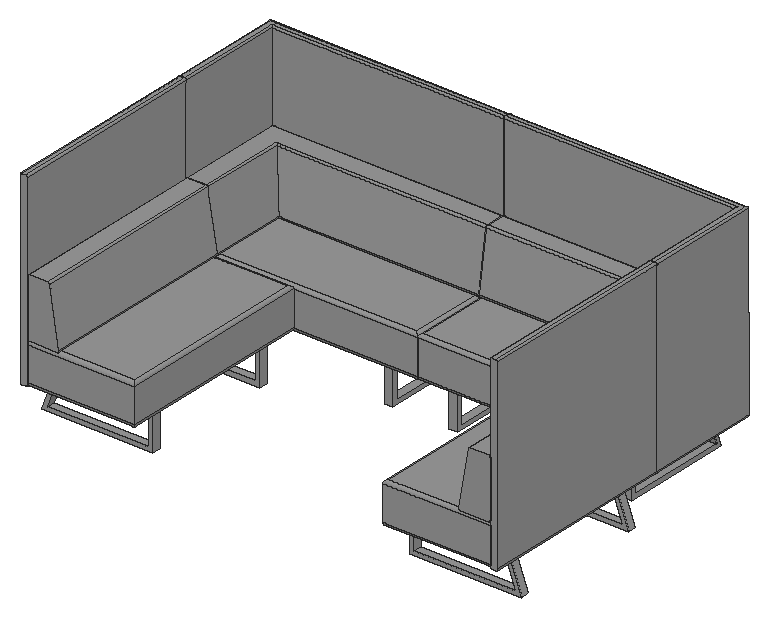
Revit family "TP1H - TP1L", category Furniture, Revit 2016
Family settings
  OmniClass Number = 23.40.20.00
  OmniClass Title = General Furniture and Specialties
  Work Plane-Based = No
  Always vertical = Yes
  Cut with Voids When Loaded = No
  Shared = No
  Room Calculation Point = No
Parameters (values of type "TP1H-K")
  URL = "www.gof.co.uk"
  Seat = GABRIEL Byron_02101
  Range = "SEATING"
  Product Data Specification = "https://gof.co.uk/wp-content/uploads/2016/02/Take-Off-Task-Product-Data-Sheet.compressed.pdf"
  Product Code = "TP1H-K"
  Product Brochure = "https://gof.co.uk/wp-content/uploads/2016/04/Take_Off_Reception_Brochure_2016.pdf"
  Model = "TAKE OFF PLUS"
  Manufacturer = "Gresham Office Furniture"  # constant formula
  Low Surround = GABRIEL Byron_02101
  Low Surround (Vis) = no
  High Surround (Vis) = yes
  High Surround = GABRIEL Byron_02101
  Circular Leg Frame = no
  Back = GABRIEL Byron_08101
  Angled Base Frame = yes
Types (5, lengths in mm): name | Product Code | Low Surround (Vis) | High Surround (Vis) | Circular Leg Frame | Angled Base Frame
  (no name) | "TP1H-K" | no | yes | no | yes
  TP1L-K | "TP1L-K" | yes | no | no | yes
  TP1H-K | "TP1H-K" | no | yes | no | yes
  TP1H-4 | "TP1H-4" | no | yes | yes | no
  TP1L-4 | "TP1L-4" | yes | no | yes | no
Reference planes
  plane 1 "Center (Front/Back)": y = 0
  plane 2: z = 0
  plane 3 "Center (Left/Right)": x = 0
  plane 4: y = 347.5
  plane 5: x = 1446
  plane 6: x = -1446
  plane 7 "Right Inner": x = 1401
  plane 8 "Left Inner": x = -1401
  plane 9: y = 302.5
  plane 10: y = -347.5
  plane 11: z = 1360
Dimensions and locks
  locked: plane 7 "Right Inner" to plane 5 at 45
  locked: plane 6 to plane 8 "Left Inner" at 45
  locked: plane 9 to plane 4 at 45
  locked: plane 10 to plane 4 at 695
  equal spacing: plane 10, plane 1 "Center (Front/Back)", plane 4
  plane 6 to plane 3 "Center (Left/Right)" to plane 5 = 1446 mm, 1446 mm
  plane 11 to level = 1360 mm
  aligned and locked: level to plane 2
Nested families
  nested 1: "TP4H - TP4L Component" at (-723, 0, 0), type "TP4H-K"
  nested 2: "TP4H - TP4L Component" at (723, 0, 0) x (-1, 0, 0) z (0, 0, 1), type "TP4H-K"
  nested 3: "TP1H - TP1L Component" at (-1098.5, -947.5, 0) x (0, 1, 0) z (0, 0, 1), type "TP1H-K"
  nested 4: "TP1H - TP1L Component" at (1098.5, -947.5, 0) x (0, 1, 0) z (0, 0, 1), type "TP1H-K"
Definition of nested family "TP4H - TP4L Component"
  Parameters (values of type "TP4H-K")
    URL = "www.gof.co.uk"
    Seat = none
    Range = "SEATING"
    Product Data Specification = "https://gof.co.uk/wp-content/uploads/2016/02/Take-Off-Task-Product-Data-Sheet.compressed.pdf"
    Product Code = "TP4H-K"
    Product Brochure = "https://gof.co.uk/wp-content/uploads/2016/04/Take_Off_Reception_Brochure_2016.pdf"
    Model = "TAKE OFF PLUS"
    Manufacturer = "Gresham Office Furniture"  # constant formula
    Low Surround = none
    Low Surround (Vis) = no
    High Surround (Vis) = yes
    High Surround = none
    Circular Leg Frame = no
    Back = none
    Angled Base Frame = yes
  Types (5, lengths in mm): name | Product Code | Low Surround (Vis) | High Surround (Vis) | Circular Leg Frame | Angled Base Frame
    (no name) | "TP4H-K" | no | yes | no | yes
    TP4L-K | "TP4L-K" | yes | no | no | yes
    TP4H-K | "TP4H-K" | no | yes | no | yes
    TP4H-4 | "TP4H-4" | no | yes | yes | no
    TP4L-4 | "TP4L-4" | yes | no | yes | no
  Reference planes
    plane 1 "Center (Front/Back)": y = 0
    plane 2: z = 0
    plane 3 "Center (Left/Right)": x = 0
    plane 4: y = 347.5
    plane 5: x = 723
    plane 6: x = -723
    plane 7 "Right Inner": x = 678
    plane 8 "Left Inner": x = -678
    plane 9: y = 302.5
    plane 10: y = -347.5
  Forms (mm)
    Extrusion 1, solid, material <- "Seat"
      sketch origin (0, 0, 215) x (0, 1, 0) y (-1, 0, 0)
        loop
          line (302.5, 678) -> (-347.5, 678) -> (-347.5, -723) -> (302.5, -723) -> (302.5, 678)
      from 0 to 250
    Sweep 2, solid, material <- "Back"
      path in 3D
        loop
          line (-678, -347.5, 465) -> (-678, 302.5, 465) -> (723, 302.5, 465)
      profile origin (22.5, 302.5, 465) x (0, 1, 0) y (0, 0, 1)
        loop
          line (-132.43, 351.697) -> (-190.985, 11.697)
          arc (-190.985, 11.697) -> (-188.778, 3.557) -> (-181.131, 0) r 10
          line (-181.131, 0) -> (-10, 0)
          arc (-10, 0) -> (-2.929, 2.929) -> (0, 10) r 10
          line (0, 10) -> (0, 350)
          arc (0, 350) -> (-2.929, 357.071) -> (-10, 360) r 10
          line (-10, 360) -> (-122.575, 360)
          arc (-122.575, 360) -> (-129.018, 357.648) -> (-132.43, 351.697) r 10
    Sweep 3, solid, material <- "Low Surround", visible <- "Low Surround (Vis)"
      path in 3D
        loop
          line (-678, -347.5, 465) -> (-678, 302.5, 465) -> (723, 302.5, 465)
      profile origin (22.5, 302.5, 465) x (0, 1, 0) y (0, 0, 1)
        loop
          arc (10, 360) -> (2.929, 357.071) -> (0, 350) r 10
          line (0, 350) -> (0, -240)
          arc (0, -240) -> (2.929, -247.071) -> (10, -250) r 10
          line (10, -250) -> (35, -250)
          arc (35, -250) -> (42.071, -247.071) -> (45, -240) r 10
          line (45, -240) -> (45, 350)
          arc (45, 350) -> (42.071, 357.071) -> (35, 360) r 10
          line (35, 360) -> (10, 360)
    Sweep 4, solid, material <- "High Surround", visible <- "High Surround (Vis)"
      path in 3D
        loop
          line (-678, -347.5, 1000) -> (-678, 302.5, 1000) -> (723, 302.5, 1000)
      profile origin (22.5, 302.5, 1000) x (0, 1, 0) y (0, 0, 1)
        loop
          arc (10, 360) -> (2.929, 357.071) -> (0, 350) r 10
          line (0, 350) -> (0, -775)
          arc (0, -775) -> (2.929, -782.071) -> (10, -785) r 10
          line (10, -785) -> (35, -785)
          arc (35, -785) -> (42.071, -782.071) -> (45, -775) r 10
          line (45, -775) -> (45, 350)
          arc (45, 350) -> (42.071, 357.071) -> (35, 360) r 10
          line (35, 360) -> (10, 360)
    Sweep 5, void
      path in 3D
        loop
          line (723, -347.5, 465) -> (723, 302.5, 465) -> (-678, 302.5, 465) -> (-678, -347.5, 465) -> (723, -347.5, 465)
      profile origin (22.5, -347.5, 465) x (0, 1, 0) y (0, 0, 1)
        loop
          line (0, 0) -> (0, -20)
          arc (0, -20) -> (5.858, -5.858) -> (20, 0) r 20
          line (20, 0) -> (0, 0)
    Sweep 6, void
      path in 3D
        loop
          line (723, -347.5, 215) -> (723, 302.5, 215) -> (-678, 302.5, 215) -> (-678, -347.5, 215) -> (723, -347.5, 215)
      profile origin (22.5, -347.5, 215) x (0, -1, 0) y (0, 0, -1)
        loop
          line (0, 0) -> (-20, 0)
          arc (-20, 0) -> (-5.858, -5.858) -> (0, -20) r 20
          line (0, -20) -> (0, 0)
  Cuts and joins
    Sweep 5, Sweep 6 cuts Sweep 4
    Sweep 5, Sweep 6 cuts Extrusion 1
    Sweep 5, Sweep 6 cuts Sweep 2
  Lines and regions (mm)
    sketch lines
      curve 1: line (-678, 302.5, 465) -> (723, 302.5, 465)
      curve 2: line (-678, -347.5, 465) -> (-678, 302.5, 465)
      curve 3: line (-678, 302.5, 465) -> (723, 302.5, 465)
      curve 4: line (-678, -347.5, 465) -> (-678, 302.5, 465)
      curve 5: line (-678, 302.5, 1000) -> (723, 302.5, 1000)
      curve 6: line (-678, -347.5, 1000) -> (-678, 302.5, 1000)
      curve 7: line (-678, -347.5, 465) -> (723, -347.5, 465)
      curve 8: line (723, -347.5, 465) -> (723, 302.5, 465)
      curve 9: line (-678, 302.5, 465) -> (-678, -347.5, 465)
      curve 10: line (723, 302.5, 465) -> (-678, 302.5, 465)
      curve 11: line (-678, -347.5, 215) -> (723, -347.5, 215)
      curve 12: line (723, -347.5, 215) -> (723, 302.5, 215)
      curve 13: line (-678, 302.5, 215) -> (-678, -347.5, 215)
      curve 14: line (723, 302.5, 215) -> (-678, 302.5, 215)
  Dimensions and locks
    plane 6 to plane 5 = 1446 mm
    locked: plane 7 "Right Inner" to plane 5 at 45
    locked: plane 6 to plane 8 "Left Inner" at 45
    locked: plane 9 to plane 4 at 45
    locked: plane 10 to plane 4 at 695
    equal spacing: plane 10, plane 1 "Center (Front/Back)", plane 4
    locked: nested 1 to plane 5 at 170
    locked: nested 1 to plane 10 at 26
    locked: plane 6 to nested 2 at 170
    locked: nested 2 to plane 10 at 26
    locked: nested 3 to plane 5 at 62.5
    locked: nested 3 to plane 10 at 20
    locked: plane 6 to nested 4 at 62.5
    locked: nested 4 to plane 10 at 20
    plane 6 to plane 3 "Center (Left/Right)" to plane 5 = 723 mm, 723 mm
    aligned and locked: level to plane 2
  Automatic sketch dimensions
    Extrusion 1 sketch curve to plane 8 "Left Inner" = 0 mm
    Extrusion 1 sketch curve to plane 10 = 0 mm
    Extrusion 1 sketch curve to plane 9 = 0 mm
    plane 7 "Right Inner" to Extrusion 1 sketch curve = 45 mm
    Sweep 2 sketch curve to profile plane = 0 mm  (x2)
    profile plane to Sweep 2 sketch curve = 10 mm  (x2)
    Sweep 2 sketch curve to Sweep 2 sketch curve = 10 mm  (x2)
    Sweep 2 sketch curve to Sweep 2 sketch curve = 112.575 mm
    Sweep 2 sketch curve to Sweep 2 sketch curve = 9.855 mm
    Sweep 2 sketch curve to Sweep 2 sketch curve = 171.131 mm
    profile plane to Sweep 2 sketch curve = 11.697 mm
    Sweep 2 sketch curve to Sweep 2 sketch curve = 340 mm
    profile plane to Sweep 3 sketch curve = 0 mm
    Sweep 3 sketch curve to profile plane = 10 mm  (x2)
    Sweep 3 sketch curve to Sweep 3 sketch curve = 25 mm  (x2)
    Sweep 3 sketch curve to Sweep 3 sketch curve = 10 mm
    Sweep 3 sketch curve to profile plane = 250 mm
    profile plane to Sweep 3 sketch curve = 350 mm
    profile plane to Sweep 4 sketch curve = 0 mm
    Sweep 4 sketch curve to profile plane = 10 mm  (x2)
    Sweep 4 sketch curve to Sweep 4 sketch curve = 25 mm  (x2)
    Sweep 4 sketch curve to Sweep 4 sketch curve = 10 mm
    Sweep 4 sketch curve to profile plane = 785 mm
    profile plane to Sweep 4 sketch curve = 350 mm
    Sweep 5 sketch curve to profile plane = 0 mm  (x2)
    Sweep 5 sketch curve to Sweep 5 sketch curve = 20 mm
    profile plane to Sweep 6 sketch curve = 0 mm
    Sweep 6 sketch curve to profile plane = 0 mm
    Sweep 6 sketch curve to Sweep 6 sketch curve = 20 mm
  Nested families
    nested 1: "Angled Base Frame" at (-122, -83, 0), visible <- "Angled Base Frame", type "Angled Base Frame"
    nested 2: "Angled Base Frame" at (122, -83, 0) x (-1, 0, 0) z (0, 0, 1), visible <- "Angled Base Frame", type "Angled Base Frame"
    nested 3: "Circular Leg Frame" at (-122, -83, 0), visible <- "Circular Leg Frame", type "Circular Leg Frame"
    nested 4: "Circular Leg Frame" at (122, -83, 0) x (-1, 0, 0) z (0, 0, 1), visible <- "Circular Leg Frame", type "Circular Leg Frame"
  Definition of nested family "Angled Base Frame"
    Parameters (values of type "Angled Base Frame")
      Width = 1690 mm
      URL = "www.gof.co.uk"
      Range = "TAKE OFF PLUS"
      Product Code = ""
      Manufacturer = "Gresham Office Funiture"  # constant formula
      Frame = none
    Reference planes
      plane 1 "Center (Front/Back)": y = 83
      plane 2: z = 0
      plane 3 "Center (Left/Right)": x = 0
      plane 4: x = -845
      plane 5: x = 845
      plane 6: y = 430.5
      plane 7: y = -264.5
    Forms (mm)
      Extrusion 1, solid, material <- "Frame"
        sketch origin (675, 334.886, 702) x (0, -1, 0) y (0, 0, 1)
          loop
            line (-101.614, -702) -> (573.386, -702) -> (573.386, -487) -> (-23.614, -487) -> (-101.614, -702)
          loop
            line (548.386, -677) -> (548.386, -512) -> (-6.089, -512) -> (-65.95, -677) -> (548.386, -677)
        from 0 to 50
    Dimensions and locks
      "Width": plane 4 to plane 5
      locked: plane 6 to plane 7 at 695
      equal spacing: plane 4, plane 3 "Center (Left/Right)", plane 5
      Extrusion 1 sketch curve to Extrusion 1 sketch curve = 25 mm  (x2)
      Extrusion 1 sketch curve to Extrusion 1 sketch curve = 675 mm
      Extrusion 1 sketch curve to Extrusion 1 sketch curve = 597 mm
      locked: Extrusion 1 to plane 5 at 170
      locked: Extrusion 1 to plane 7 at 26
      equal spacing: plane 6, plane 1 "Center (Front/Back)", plane 7
      aligned and locked: level to plane 2
    Automatic sketch dimensions
      Extrusion 1 sketch curve to level = 0 mm
      plane 6 to Extrusion 1 sketch curve = 6 mm
      Extrusion 1 sketch curve to plane 6 = 29.664 mm
      Extrusion 1 sketch curve to Extrusion 1 sketch curve = 17.525 mm
      level to Extrusion 1 sketch curve = 25 mm
      Extrusion 1 sketch curve to Extrusion 1 sketch curve = 165 mm
  Definition of nested family "Circular Leg Frame"
    Parameters (values of type "Circular Leg Frame")
      Width = 1690 mm
      URL = "www.gof.co.uk"
      Range = "TAKE OFF PLUS"
      Product Code = ""
      Manufacturer = "Gresham Office Funiture"  # constant formula
      Frame = none
      Foot = none
    Reference planes
      plane 1 "Center (Front/Back)": y = 83
      plane 2: z = 0
      plane 3 "Center (Left/Right)": x = 0
      plane 4: x = -845
      plane 5: x = 845
      plane 6: y = 430.5
      plane 7: y = -264.5
    Forms (mm)
      Extrusion 1, solid, material <- "Frame"
        sketch origin (770, 353.886, 702) x (0, -1, 0) y (0, 0, 1)
          loop
            line (553.386, -487) -> (-26.614, -487) -> (-26.614, -537) -> (553.386, -537) -> (553.386, -487)
        from 0 to 25
      Extrusion 2, solid, material <- "Frame"
        sketch origin (0, -25, 5) x (-1, 0, 0) y (0, -1, 0)
          loop
            circle (-757.5, 194.5) r 25
        from 0 to 210
      Extrusion 3, solid, material <- "Frame"
        sketch origin (0, 239, 5) x (-1, 0, 0) y (0, -1, 0)
          loop
            circle (-757.5, -161.5) r 25
        from 0 to 210
      Extrusion 4, solid, material <- "Foot"
        sketch origin (0, 0, 0) x (1, 0, 0) y (0, 1, 0)
          loop
            circle (757.5, -219.5) r 15
        from 0 to 5
      Extrusion 5, solid, material <- "Foot"
        sketch origin (0, 199, 0) x (1, 0, 0) y (0, 1, 0)
          loop
            circle (757.5, 201.5) r 15
        from 0 to 5
    Cuts and joins
      joined: Extrusion 1, Extrusion 2, Extrusion 3
    Dimensions and locks
      "Width": plane 4 to plane 5
      locked: plane 6 to plane 7 at 695
      equal spacing: plane 4, plane 3 "Center (Left/Right)", plane 5
      Extrusion 1 sketch curve to Extrusion 1 sketch curve = 50 mm
      locked: Extrusion 1 to plane 5 at 75
      locked: Extrusion 2 to plane 7 at 20
      Extrusion 2 to plane 7 = 70 mm
      locked: plane 6 to Extrusion 3 at 5
      plane 6 to Extrusion 5 = 15 mm
      Extrusion 4 to plane 7 = 45 mm
      plane 6 to Extrusion 5 = 30 mm
      equal spacing: plane 6, plane 1 "Center (Front/Back)", plane 7
      aligned and locked: level to plane 2
      aligned and locked: Extrusion 2 to Extrusion 1
    Automatic sketch dimensions
      Extrusion 1 sketch curve to plane 6 = 50 mm
      plane 7 to Extrusion 1 sketch curve = 65 mm
      level to Extrusion 1 sketch curve = 165 mm
      plane 5 to Extrusion 2 sketch curve = 87.5 mm
      plane 7 to Extrusion 2 sketch curve = 45 mm
      plane 6 to Extrusion 3 sketch curve = 30 mm
      Extrusion 3 sketch curve to plane 5 = 87.5 mm
      plane 5 to Extrusion 4 sketch curve = 87.5 mm
      plane 7 to Extrusion 4 sketch curve = 45 mm
      plane 6 to Extrusion 5 sketch curve = 30 mm
      Extrusion 5 sketch curve to plane 5 = 87.5 mm
      radius of Extrusion 2 sketch curve = 25 mm
      radius of Extrusion 3 sketch curve = 25 mm
      radius of Extrusion 4 sketch curve = 15 mm
      radius of Extrusion 5 sketch curve = 15 mm
Definition of nested family "TP1H - TP1L Component"
  Parameters (values of type "TP1H-K")
    URL = "www.gof.co.uk"
    Seat = none
    Range = "SEATING"
    Product Data Specification = "https://gof.co.uk/wp-content/uploads/2016/02/Take-Off-Task-Product-Data-Sheet.compressed.pdf"
    Product Code = "TP1H-K"
    Product Brochure = "https://gof.co.uk/wp-content/uploads/2016/04/Take_Off_Reception_Brochure_2016.pdf"
    Model = "TAKE OFF PLUS"
    Manufacturer = "Gresham Office Furniture"  # constant formula
    Low Surround = none
    Low Surround (Vis) = no
    High Surround (Vis) = yes
    High Surround = none
    Circular Leg Frame = no
    Back = none
    Angled Base Frame = yes
  Types (5, lengths in mm): name | Product Code | Low Surround (Vis) | High Surround (Vis) | Circular Leg Frame | Angled Base Frame
    (no name) | "TP1H-K" | no | yes | no | yes
    TP1L-K | "TP1L-K" | yes | no | no | yes
    TP1H-K | "TP1H-K" | no | yes | no | yes
    TP1H-4 | "TP1H-4" | no | yes | yes | no
    TP1L-4 | "TP1L-4" | yes | no | yes | no
  Reference planes
    plane 1 "Center (Front/Back)": y = 0
    plane 2: z = 0
    plane 3 "Center (Left/Right)": x = 0
    plane 4: y = 347.5
    plane 5: x = 600
    plane 6: x = -600
    plane 7 "Right Inner": x = 555
    plane 8 "Left Inner": x = -555
    plane 9: y = 302.5
    plane 10: y = -347.5
  Forms (mm)
    Extrusion 1, solid, material <- "Seat"
      sketch origin (0, 0, 215) x (0, 1, 0) y (-1, 0, 0)
        loop
          line (302.5, 600) -> (-347.5, 600) -> (-347.5, -600) -> (302.5, -600) -> (302.5, 600)
      from 0 to 250
    Sweep 2, solid, material <- "Back"
      path in 3D
        loop
          line (-600, 302.5, 465) -> (600, 302.5, 465)
      profile origin (0, 302.5, 465) x (0, 1, 0) y (0, 0, 1)
        loop
          line (-132.43, 351.697) -> (-190.985, 11.697)
          arc (-190.985, 11.697) -> (-188.778, 3.557) -> (-181.131, 0) r 10
          line (-181.131, 0) -> (-10, 0)
          arc (-10, 0) -> (-2.929, 2.929) -> (0, 10) r 10
          line (0, 10) -> (0, 350)
          arc (0, 350) -> (-2.929, 357.071) -> (-10, 360) r 10
          line (-10, 360) -> (-122.575, 360)
          arc (-122.575, 360) -> (-129.018, 357.648) -> (-132.43, 351.697) r 10
    Sweep 3, solid, material <- "Low Surround", visible <- "Low Surround (Vis)"
      path in 3D
        loop
          line (-600, 302.5, 465) -> (600, 302.5, 465)
      profile origin (0, 302.5, 465) x (0, 1, 0) y (0, 0, 1)
        loop
          arc (10, 360) -> (2.929, 357.071) -> (0, 350) r 10
          line (0, 350) -> (0, -240)
          arc (0, -240) -> (2.929, -247.071) -> (10, -250) r 10
          line (10, -250) -> (35, -250)
          arc (35, -250) -> (42.071, -247.071) -> (45, -240) r 10
          line (45, -240) -> (45, 350)
          arc (45, 350) -> (42.071, 357.071) -> (35, 360) r 10
          line (35, 360) -> (10, 360)
    Sweep 4, solid, material <- "High Surround", visible <- "High Surround (Vis)"
      path in 3D
        loop
          line (-600, 302.5, 1000) -> (600, 302.5, 1000)
      profile origin (0, 302.5, 1000) x (0, 1, 0) y (0, 0, 1)
        loop
          arc (10, 360) -> (2.929, 357.071) -> (0, 350) r 10
          line (0, 350) -> (0, -775)
          arc (0, -775) -> (2.929, -782.071) -> (10, -785) r 10
          line (10, -785) -> (35, -785)
          arc (35, -785) -> (42.071, -782.071) -> (45, -775) r 10
          line (45, -775) -> (45, 350)
          arc (45, 350) -> (42.071, 357.071) -> (35, 360) r 10
          line (35, 360) -> (10, 360)
    Sweep 5, void
      path in 3D
        loop
          line (600, -347.5, 465) -> (600, 302.5, 465) -> (-600, 302.5, 465) -> (-600, -347.5, 465) -> (600, -347.5, 465)
      profile origin (0, -347.5, 465) x (0, 1, 0) y (0, 0, 1)
        loop
          line (0, 0) -> (0, -20)
          arc (0, -20) -> (5.858, -5.858) -> (20, 0) r 20
          line (20, 0) -> (0, 0)
    Sweep 6, void
      path in 3D
        loop
          line (600, -347.5, 215) -> (600, 302.5, 215) -> (-600, 302.5, 215) -> (-600, -347.5, 215) -> (600, -347.5, 215)
      profile origin (0, -347.5, 215) x (0, -1, 0) y (0, 0, -1)
        loop
          line (0, 0) -> (-20, 0)
          arc (-20, 0) -> (-5.858, -5.858) -> (0, -20) r 20
          line (0, -20) -> (0, 0)
  Cuts and joins
    Sweep 5 cuts Sweep 3
    Sweep 5 cuts Sweep 4
    Sweep 5, Sweep 6 cuts Extrusion 1
    Sweep 5, Sweep 6 cuts Sweep 2
  Lines and regions (mm)
    sketch lines
      curve 1: line (-600, 302.5, 465) -> (600, 302.5, 465)
      curve 2: line (-600, 302.5, 465) -> (600, 302.5, 465)
      curve 3: line (-600, 302.5, 1000) -> (600, 302.5, 1000)
      curve 4: line (-600, -347.5, 465) -> (600, -347.5, 465)
      curve 5: line (600, -347.5, 465) -> (600, 302.5, 465)
      curve 6: line (-600, 302.5, 465) -> (-600, -347.5, 465)
      curve 7: line (600, 302.5, 465) -> (-600, 302.5, 465)
      curve 8: line (-600, -347.5, 215) -> (600, -347.5, 215)
      curve 9: line (600, -347.5, 215) -> (600, 302.5, 215)
      curve 10: line (-600, 302.5, 215) -> (-600, -347.5, 215)
      curve 11: line (600, 302.5, 215) -> (-600, 302.5, 215)
  Dimensions and locks
    plane 6 to plane 5 = 1200 mm
    locked: plane 7 "Right Inner" to plane 5 at 45
    locked: plane 6 to plane 8 "Left Inner" at 45
    locked: plane 9 to plane 4 at 45
    locked: plane 10 to plane 4 at 695
    equal spacing: plane 10, plane 1 "Center (Front/Back)", plane 4
    locked: nested 1 to plane 5 at 170
    locked: nested 1 to plane 10 at 26
    locked: plane 6 to nested 2 at 170
    locked: nested 2 to plane 10 at 26
    locked: nested 3 to plane 5 at 62.5
    locked: nested 3 to plane 10 at 20
    locked: plane 6 to nested 4 at 62.5
    locked: nested 4 to plane 10 at 20
    plane 6 to plane 3 "Center (Left/Right)" to plane 5 = 600 mm, 600 mm
    aligned and locked: level to plane 2
  Automatic sketch dimensions
    plane 8 "Left Inner" to Extrusion 1 sketch curve = 45 mm
    Extrusion 1 sketch curve to plane 10 = 0 mm
    Extrusion 1 sketch curve to plane 9 = 0 mm
    plane 7 "Right Inner" to Extrusion 1 sketch curve = 45 mm
    Sweep 2 sketch curve to profile plane = 0 mm  (x2)
    profile plane to Sweep 2 sketch curve = 10 mm  (x2)
    Sweep 2 sketch curve to Sweep 2 sketch curve = 10 mm  (x2)
    Sweep 2 sketch curve to Sweep 2 sketch curve = 112.575 mm
    Sweep 2 sketch curve to Sweep 2 sketch curve = 9.855 mm
    Sweep 2 sketch curve to Sweep 2 sketch curve = 171.131 mm
    profile plane to Sweep 2 sketch curve = 11.697 mm
    Sweep 2 sketch curve to Sweep 2 sketch curve = 340 mm
    profile plane to Sweep 3 sketch curve = 0 mm
    Sweep 3 sketch curve to profile plane = 10 mm  (x2)
    Sweep 3 sketch curve to Sweep 3 sketch curve = 25 mm  (x2)
    Sweep 3 sketch curve to Sweep 3 sketch curve = 10 mm
    Sweep 3 sketch curve to profile plane = 250 mm
    profile plane to Sweep 3 sketch curve = 350 mm
    profile plane to Sweep 4 sketch curve = 0 mm
    Sweep 4 sketch curve to profile plane = 10 mm  (x2)
    Sweep 4 sketch curve to Sweep 4 sketch curve = 25 mm  (x2)
    Sweep 4 sketch curve to Sweep 4 sketch curve = 10 mm
    Sweep 4 sketch curve to profile plane = 785 mm
    profile plane to Sweep 4 sketch curve = 350 mm
    Sweep 5 sketch curve to profile plane = 0 mm  (x2)
    Sweep 5 sketch curve to Sweep 5 sketch curve = 20 mm
    profile plane to Sweep 6 sketch curve = 0 mm
    Sweep 6 sketch curve to profile plane = 0 mm
    Sweep 6 sketch curve to Sweep 6 sketch curve = 20 mm
  Nested families
    nested 1: "Angled Base Frame" at (-245, -83, 0), visible <- "Angled Base Frame", type "Angled Base Frame"
    nested 2: "Angled Base Frame" at (245, -83, 0) x (-1, 0, 0) z (0, 0, 1), visible <- "Angled Base Frame", type "Angled Base Frame"
    nested 3: "Circular Leg Frame" at (-245, -83, 0), visible <- "Circular Leg Frame", type "Circular Leg Frame"
    nested 4: "Circular Leg Frame" at (245, -83, 0) x (-1, 0, 0) z (0, 0, 1), visible <- "Circular Leg Frame", type "Circular Leg Frame"
  Definition of nested family "Angled Base Frame"
    Parameters (values of type "Angled Base Frame")
      Width = 1690 mm
      URL = "www.gof.co.uk"
      Range = "TAKE OFF PLUS"
      Product Code = ""
      Manufacturer = "Gresham Office Funiture"  # constant formula
      Frame = none
    Reference planes
      plane 1 "Center (Front/Back)": y = 83
      plane 2: z = 0
      plane 3 "Center (Left/Right)": x = 0
      plane 4: x = -845
      plane 5: x = 845
      plane 6: y = 430.5
      plane 7: y = -264.5
    Forms (mm)
      Extrusion 1, solid, material <- "Frame"
        sketch origin (675, 334.886, 702) x (0, -1, 0) y (0, 0, 1)
          loop
            line (-101.614, -702) -> (573.386, -702) -> (573.386, -487) -> (-23.614, -487) -> (-101.614, -702)
          loop
            line (548.386, -677) -> (548.386, -512) -> (-6.089, -512) -> (-65.95, -677) -> (548.386, -677)
        from 0 to 50
    Dimensions and locks
      "Width": plane 4 to plane 5
      locked: plane 6 to plane 7 at 695
      equal spacing: plane 4, plane 3 "Center (Left/Right)", plane 5
      Extrusion 1 sketch curve to Extrusion 1 sketch curve = 25 mm  (x2)
      Extrusion 1 sketch curve to Extrusion 1 sketch curve = 675 mm
      Extrusion 1 sketch curve to Extrusion 1 sketch curve = 597 mm
      locked: Extrusion 1 to plane 5 at 170
      locked: Extrusion 1 to plane 7 at 26
      equal spacing: plane 6, plane 1 "Center (Front/Back)", plane 7
      aligned and locked: level to plane 2
    Automatic sketch dimensions
      Extrusion 1 sketch curve to level = 0 mm
      plane 6 to Extrusion 1 sketch curve = 6 mm
      Extrusion 1 sketch curve to plane 6 = 29.664 mm
      Extrusion 1 sketch curve to Extrusion 1 sketch curve = 17.525 mm
      level to Extrusion 1 sketch curve = 25 mm
      Extrusion 1 sketch curve to Extrusion 1 sketch curve = 165 mm
  Definition of nested family "Circular Leg Frame"
    Parameters (values of type "Circular Leg Frame")
      Width = 1690 mm
      URL = "www.gof.co.uk"
      Range = "TAKE OFF PLUS"
      Product Code = ""
      Manufacturer = "Gresham Office Funiture"  # constant formula
      Frame = none
      Foot = none
    Reference planes
      plane 1 "Center (Front/Back)": y = 83
      plane 2: z = 0
      plane 3 "Center (Left/Right)": x = 0
      plane 4: x = -845
      plane 5: x = 845
      plane 6: y = 430.5
      plane 7: y = -264.5
    Forms (mm)
      Extrusion 1, solid, material <- "Frame"
        sketch origin (770, 353.886, 702) x (0, -1, 0) y (0, 0, 1)
          loop
            line (553.386, -487) -> (-26.614, -487) -> (-26.614, -537) -> (553.386, -537) -> (553.386, -487)
        from 0 to 25
      Extrusion 2, solid, material <- "Frame"
        sketch origin (0, -25, 5) x (-1, 0, 0) y (0, -1, 0)
          loop
            circle (-757.5, 194.5) r 25
        from 0 to 210
      Extrusion 3, solid, material <- "Frame"
        sketch origin (0, 239, 5) x (-1, 0, 0) y (0, -1, 0)
          loop
            circle (-757.5, -161.5) r 25
        from 0 to 210
      Extrusion 4, solid, material <- "Foot"
        sketch origin (0, 0, 0) x (1, 0, 0) y (0, 1, 0)
          loop
            circle (757.5, -219.5) r 15
        from 0 to 5
      Extrusion 5, solid, material <- "Foot"
        sketch origin (0, 199, 0) x (1, 0, 0) y (0, 1, 0)
          loop
            circle (757.5, 201.5) r 15
        from 0 to 5
    Cuts and joins
      joined: Extrusion 1, Extrusion 2, Extrusion 3
    Dimensions and locks
      "Width": plane 4 to plane 5
      locked: plane 6 to plane 7 at 695
      equal spacing: plane 4, plane 3 "Center (Left/Right)", plane 5
      Extrusion 1 sketch curve to Extrusion 1 sketch curve = 50 mm
      locked: Extrusion 1 to plane 5 at 75
      locked: Extrusion 2 to plane 7 at 20
      Extrusion 2 to plane 7 = 70 mm
      locked: plane 6 to Extrusion 3 at 5
      plane 6 to Extrusion 5 = 15 mm
      Extrusion 4 to plane 7 = 45 mm
      plane 6 to Extrusion 5 = 30 mm
      equal spacing: plane 6, plane 1 "Center (Front/Back)", plane 7
      aligned and locked: level to plane 2
      aligned and locked: Extrusion 2 to Extrusion 1
    Automatic sketch dimensions
      Extrusion 1 sketch curve to plane 6 = 50 mm
      plane 7 to Extrusion 1 sketch curve = 65 mm
      level to Extrusion 1 sketch curve = 165 mm
      plane 5 to Extrusion 2 sketch curve = 87.5 mm
      plane 7 to Extrusion 2 sketch curve = 45 mm
      plane 6 to Extrusion 3 sketch curve = 30 mm
      Extrusion 3 sketch curve to plane 5 = 87.5 mm
      plane 5 to Extrusion 4 sketch curve = 87.5 mm
      plane 7 to Extrusion 4 sketch curve = 45 mm
      plane 6 to Extrusion 5 sketch curve = 30 mm
      Extrusion 5 sketch curve to plane 5 = 87.5 mm
      radius of Extrusion 2 sketch curve = 25 mm
      radius of Extrusion 3 sketch curve = 25 mm
      radius of Extrusion 4 sketch curve = 15 mm
      radius of Extrusion 5 sketch curve = 15 mm
